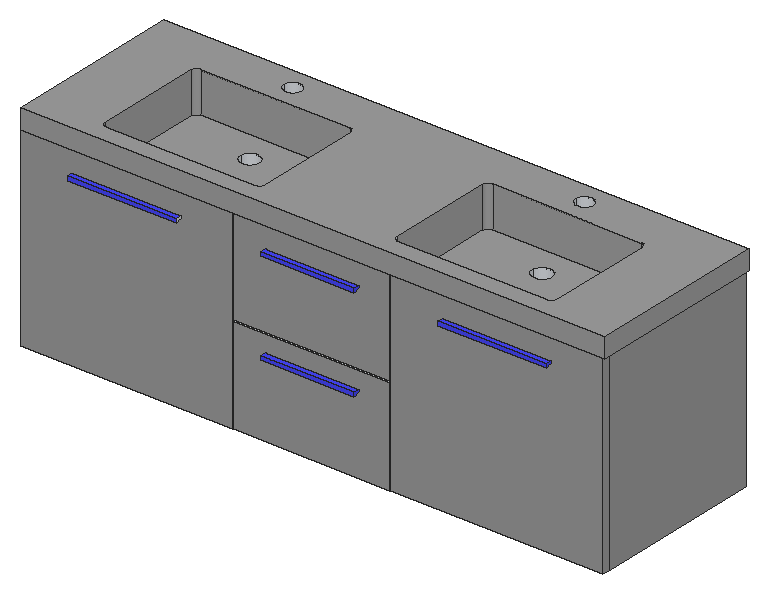
Revit family "MUEBLE SENSE 1500 DOBLE  BRUSHED GREY", category Furniture, Revit 2014
Reference planes
  plane 1 "Center (Front/Back)": y = 0
  plane 2: z = 0
  plane 3 "Center (Left/Right)": x = 0
Forms (mm)
  Extrusion 1, solid
    sketch origin (0, 0, 0) x (1, 0, 0) y (0, 0, 1)
      loop
        line (0, 360) -> (1500, 360) -> (1500, 860) -> (0, 860) -> (0, 360)
    from 0 to 442
  Extrusion 2, solid
    sketch origin (0, 0, 0) x (0, 1, 0) y (0, 0, 1)
      loop
        line (1.672, 860) -> (1.672, 910) -> (-462, 910) -> (-462, 860) -> (1.672, 860)
    from -1.484 to 1505.387
  Extrusion 3, solid
    sketch origin (0, 0, -10) x (0, 1, 0) y (0, 0, 1)
      loop
        line (-460, 815) -> (-475, 815) -> (-475, 805) -> (-470, 805) -> (-466.464, 808.536) -> (-460, 808.536) -> (-460, 815)
    from 132.016 to 412.016
  Extrusion 4, solid
    sketch origin (0, 0, -250) x (0, 1, 0) y (0, 0, 1)
      loop
        line (-460, 815) -> (-475, 815) -> (-475, 805) -> (-470, 805) -> (-466.464, 808.536) -> (-460, 808.536) -> (-460, 815)
    from 630 to 870
  Extrusion 5, void
    sketch origin (13.476, 0, 0) x (1, 0, 0) y (0, 1, 0)
      loop
        arc (569, -127) -> (564.607, -116.393) -> (554, -112) r 15
        line (554, -112) -> (171, -112)
        arc (171, -112) -> (160.393, -116.393) -> (156, -127) r 15
        line (156, -127) -> (156, -402)
        arc (156, -402) -> (160.393, -412.607) -> (171, -417) r 15
        line (171, -417) -> (554, -417)
        arc (554, -417) -> (564.607, -412.607) -> (569, -402) r 15
        line (569, -402) -> (569, -127)
    from 805 to 910
  Extrusion 6, void
    sketch origin (766.17, 0, 0) x (1, 0, 0) y (0, 1, 0)
      loop
        circle (362.5, -55.164) r 22.5
      loop
        circle (362.5, -192) r 25
    from 555 to 910
  Extrusion 7, solid
    sketch origin (0, 0, 0) x (1, 0, 0) y (0, 0, 1)
      loop
        line (-1.484, 860) -> (-1.484, 360) -> (545.516, 360) -> (545.516, 860) -> (-1.484, 860)
      loop
        line (1500, 360) -> (1500, 860) -> (953, 860) -> (953, 360) -> (1500, 360)
      loop
        line (547.516, 612) -> (951, 612) -> (951, 860) -> (547.516, 860) -> (547.516, 612)
      loop
        line (547.516, 608) -> (547.516, 360) -> (951, 360) -> (951, 608) -> (547.516, 608)
    from 442 to 460
  Extrusion 8, solid
    sketch origin (0, 0, -10) x (0, 1, 0) y (0, 0, 1)
      loop
        line (-460, 815) -> (-475, 815) -> (-475, 805) -> (-470, 805) -> (-466.464, 808.536) -> (-460, 808.536) -> (-460, 815)
    from 630 to 870
  Extrusion 9, solid
    sketch origin (0, 0, 0) x (0, 1, 0) y (0, 0, 1)
      loop
        line (-460, 798.536) -> (-460, 805) -> (-475, 805) -> (-475, 795) -> (-470, 795) -> (-466.464, 798.536) -> (-460, 798.536)
    from 1086.5 to 1366.5
  Extrusion 10, void
    sketch origin (766.17, 0, 0) x (1, 0, 0) y (0, 1, 0)
      loop
        arc (569, -127) -> (564.607, -116.393) -> (554, -112) r 15
        line (554, -112) -> (171, -112)
        arc (171, -112) -> (160.393, -116.393) -> (156, -127) r 15
        line (156, -127) -> (156, -402)
        arc (156, -402) -> (160.393, -412.607) -> (171, -417) r 15
        line (171, -417) -> (554, -417)
        arc (554, -417) -> (564.607, -412.607) -> (569, -402) r 15
        line (569, -402) -> (569, -127)
    from 805 to 910
  Extrusion 11, void
    sketch origin (13.476, 0, 0) x (1, 0, 0) y (0, 1, 0)
      loop
        circle (362.5, -55.164) r 22.5
      loop
        circle (362.5, -192) r 25
    from 555 to 910
Cuts and joins
  Extrusion 5, Extrusion 6, Extrusion 10, Extrusion 11 cuts Extrusion 1
  Extrusion 5, Extrusion 6, Extrusion 10, Extrusion 11 cuts Extrusion 2
  joined: Extrusion 1, Extrusion 2
Dimensions and locks
  aligned and locked: level to plane 2
